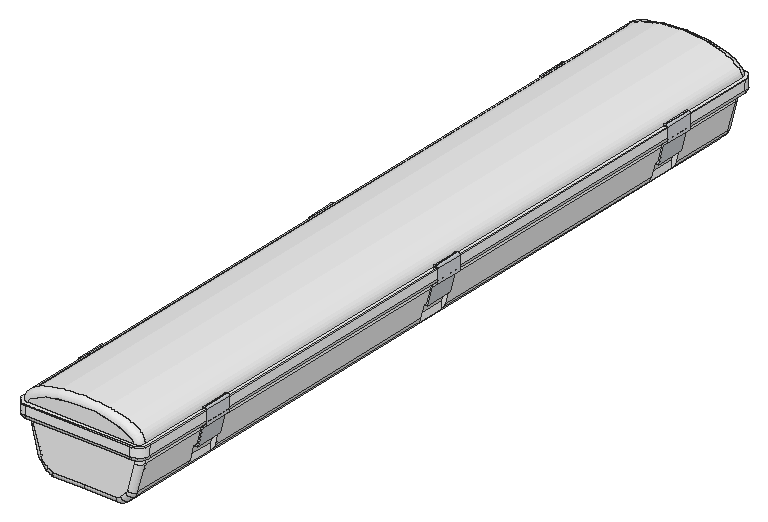
Revit family "0048689 Feilo Sylvania Lighting Fixture SYLPRF SUP LED G3 600MM S 4K", category Lighting Fixtures, host Face, Revit 2016
Family settings
  Host = Face
  Part Type = Normal
  Round Connector Dimension = Use Diameter
  OmniClass Number = 23.80.70.11.14
  OmniClass Title = General Luminaries, Directional
  Cut with Voids When Loaded = No
  Light Source = Yes
  Shared = No
  Room Calculation Point = No
Parameters (values of type "0048689 SYLPRF SUP LED G3 600MM S 4K  ")
  Width = 110 mm
  Weight = "1.12 kg"
  Wattage Comments = "n/a"
  Wattage = 14 W
  WarrantyStartDate [instance] = "n/a"
  WarrantyGuarantorParts = "n/a"
  WarrantyDurationUnit = "n/a"
  WarrantyDurationParts = "n/a"
  WarrantyDescription = "n/a"
  built-in parameter 1150110 = 1 (stored number, unit not read)
  Voltage = 230 V
  URL = "http://www.sylvania-lighting.com"
  TypeName = "SYLPRF SUP LED G3 600MM S 4K"
  Type Image = <None>
  Type Comments = "n/a"
  built-in parameter 1114217 = 1 (stored number, unit not read)
  Tilt Angle = -90.00°
  built-in parameter 1150109 = 1 (stored number, unit not read)
  built-in parameter 1150134 = 12
  built-in parameter 1150113 = 1 (stored number, unit not read)
  SerialNumber [instance] = "n/a"
  ReflectorMaterial = none
  PowerFactor = 0
  PowerConsumption = "14 W"
  Photometric Web File = "0048689.ies"
  NominalWidth = 0 mm
  NominalLength = 665 mm
  NominalHeight = 78 mm
  Name = "SYLPRF SUP LED G3 600MM S 4K"
  ModelReference = "SYLPRF SUP LED G3 600MM S 4K"
  ModelNumber = "0048689"
  Model = "SYLPRF SUP LED G3 600MM S 4K"
  Material = "grp housing, polycarbonate diffuser"
  ManufacturerName = "Feilo Sylvania"
  Manufacturer = "Feilo Sylvania"
  LuminousEfficacy = "130 lm/W"
  built-in parameter 1150105 = 144.83 (stored number, unit not read)
  Lumens = 1820 lm
  LuminaireType = ""
  built-in parameter 1150115 = 1 (stored number, unit not read)
  LightOutputRatio = "n/a"
  built-in parameter 1150137 = (empty or 0)
  built-in parameter 1150139 = (empty or 0)
  Length = 665 mm
  LampsType = Lamp  # "LED"
  LampNominalLuminous = "1850 lm"
  LampMacAdamStep = "3"
  LampColourTemperature = "4000 K"
  LampColourRenderingIndex = "80"
  built-in parameter 1150112 = 1 (stored number, unit not read)
  built-in parameter 1150114 = 1 (stored number, unit not read)
  Lamp = "LED"
  Keynote = "16500"
  InstallationDate [instance] = "n/a"
  InputVoltage = "220-240V~"
  InputNominalFrequency = "50/60 Hz"
  built-in parameter 1150132 = (empty or 0)
  built-in parameter 1150102 = (empty or 0)
  built-in parameter 1150107 = 4000 (stored number, unit not read)
  built-in parameter 1150138 = (empty or 0)
  IngressProtection = "IP65"
  ImpactProtectionIndex = "IK08"
  built-in parameter 1150106 = 1.4483 (stored number, unit not read)
  IfcExportType = "IfcLightFixtureType"
  IfcExportAs = "IfcLightFixtureType"
  ExpectedLife = 50000
  Emit from Rectangle Width = Width - 20 mm  # 90 mm
  Emit from Rectangle Length = Length - 20 mm  # 645 mm
  Emit Shape Visible in Rendering = no
  ElectricShockClassification = "Class I"
  built-in parameter 1150104 = 12.077 (stored number, unit not read)
  DurationUnit = "hours"
  DocumentationLiterature = "http://www.sylvania-lighting.com/product/en-int/products/0048689"
  DimmingControlOptions = "Non dimmable"
  Dimming Lamp Color Temperature Shift = <None>
  DiffuserMaterial = Diffuser-Sylvania-Transparent
  Description = "Sylproof Superia, integrated LED weatherproof luminaire, with UV stabilized flat diffuser and linear prisms designed to achieve uniform lit appearance, optimise light output and to reduce glare, stainless steel diffuser clips and fixing brackets for surface and wall mounting. L 665 mm x W 110 mm x H 78 mm size, GRP housing, Polycarbonate diffuser, Non dimmable,   4000K, CRI80,  1850 lm, 14 W, 130 lm/W, nominal average life (h):50000, energy class: A++ A+ A Class I, IK08, IP65."
  Default Elevation = 1219.2 mm
  CreatedOn = "3/27/2018"
  CreatedBy = "aron.fodor@feilosylvania.com"
  Cost = 0
  Color Filter = 16777215
  built-in parameter 1114216 [instance] = (empty or 0)
  ClassificationValue = "EF_70_80"
  ClassificationName = "Uniclass2015"
  BracketOffset_FEILO = 360 mm
  BodyMaterial = Body-Sylvania-Gray
  BarCode [instance] = "n/a"
  built-in parameter 1114218 = 1 (stored number, unit not read)
  built-in parameter 1150133 = 10 (stored number, unit not read)
  AssetType = "Fixed"
  AssetIdentifier [instance] = "n/a"
  Assembly Code = "D5020200"
  Apparent Load = 14 VA
  AccessoryMaterial = Diffuser-Sylvania-Glow
Reference planes
  plane 1 "Center (Front/Back)": y = 0
  plane 2: z = 0
  plane 3 "Center (Left/Right)": x = 0
  plane 4: z = 54
  plane 5: x = -27.7
  plane 6: x = -34.8
  plane 7: x = -39.6
  plane 8: x = -42.2
  plane 9: z = 3
  plane 10: z = 7.8
  plane 11: z = 12.3
  plane 12: z = 36.6
  plane 13: z = 42.8
  plane 14: x = -51.1
  plane 15: z = 46.2
  plane 16: x = -55
  plane 17: y = 332.5
  plane 18: y = -332.5
  plane 19: x = 27.7
  plane 20: x = 34.8
  plane 21: x = 39.6
  plane 22: x = 42.2
  plane 23: x = 51.1
  plane 24: x = 55
  plane 25: y = 324.9
  plane 26: y = -324.9
  plane 27: y = -321.2
  plane 28: y = 321.2
  plane 29: z = 74
  plane 30: x = -51.5
  plane 31: x = 51.5
  plane 32: z = 55.2
  plane 33: y = -329
  plane 34: y = 329
  plane 35: x = -37.5
  plane 36: x = 37.5
  plane 37: x = -48.7
  plane 38: x = 48.7
  plane 39: z = 50.2
  plane 40: z = 24.6
  plane 41: y = 720
  plane 42: y = 706
  plane 43: y = 734
  plane 44: y = 250
  plane 45: y = 236
  plane 46: y = 264
  plane 47: y = 0
  plane 48: y = -14
  plane 49: y = 14
  plane 50: y = -250
  plane 51: y = -264
  plane 52: y = -236
Forms (mm)
  Sweep 1, solid, material "Body-Sylvania-Gray" <- "BodyMaterial", detail levels medium+fine
    path origin (1223.4, -4572, 54) x (0, -1, 0) y (1, 0, 0)
      loop
        arc (-4249.5, -1278.4) -> (-4242.429, -1275.471) -> (-4239.5, -1268.4) r 10
        line (-4239.5, -1268.4) -> (-4239.5, -1178.4)
        arc (-4239.5, -1178.4) -> (-4242.429, -1171.329) -> (-4249.5, -1168.4) r 10
        line (-4249.5, -1168.4) -> (-4894.5, -1168.4)
        arc (-4894.5, -1168.4) -> (-4901.571, -1171.329) -> (-4904.5, -1178.4) r 10
        line (-4904.5, -1178.4) -> (-4904.5, -1268.4)
        arc (-4904.5, -1268.4) -> (-4901.571, -1275.471) -> (-4894.5, -1278.4) r 10
        line (-4894.5, -1278.4) -> (-4249.5, -1278.4)
    profile origin (-55, 0, 54) x (-1, 0, 0) y (0, 0, 1)
      loop
        line (0, 0) -> (-1, 0) -> (-1, -7.726)
        arc (-1, -7.726) -> (-1.994, -9.498) -> (-3.9, -10.2) r 2.937
        line (-3.9, -10.2) -> (-8.571, -10.2) -> (-8.571, -11.2) -> (-3.9, -11.2)
        arc (-3.9, -11.2) -> (-1.313, -10.231) -> (0, -7.8) r 3.937
        line (0, -7.8) -> (0, 0)
  Sweep 2, solid, material "Body-Sylvania-Gray" <- "BodyMaterial", detail levels medium+fine
    path origin (0, 0, 0) x (1, 0, 0) y (0, 0, 1)
      loop
        line (48.7, 42.8) -> (48.7, 36.6) -> (42.203, 12.31)
        arc (42.203, 12.31) -> (41.199, 9.884) -> (39.6, 7.8) r 10.052
        line (39.6, 7.8) -> (34.8, 3)
        arc (34.8, 3) -> (31.554, 0.781) -> (27.7, 0) r 9.902
        line (27.7, 0) -> (0, 0) -> (-27.7, 0)
        arc (-27.7, 0) -> (-31.554, 0.781) -> (-34.8, 3) r 9.902
        line (-34.8, 3) -> (-39.6, 7.8)
        arc (-39.6, 7.8) -> (-41.199, 9.884) -> (-42.203, 12.31) r 10.052
        line (-42.203, 12.31) -> (-48.7, 36.6) -> (-48.7, 42.8)
    profile origin (0, 0, 0) x (0, 0, -1) y (0, -1, 0)
      loop
        arc (0, 319.9) -> (-1.464, 323.436) -> (-5, 324.9) r 5
        line (-5, 324.9) -> (-7.8, 324.9) -> (-7.8, -324.9) -> (-5, -324.9)
        arc (-5, -324.9) -> (-1.464, -323.436) -> (0, -319.9) r 5
        line (0, -319.9) -> (0, 319.9)
  Extrusion 3, solid, material "Body-Sylvania-Gray" <- "BodyMaterial", detail levels medium+fine
    sketch origin (1524, 324.9, 1219.2) x (1, 0, 0) y (0, 0, 1)
      loop
        arc (-1558.668, -1204.874) -> (-1558.443, -1205.418) -> (-1558.085, -1205.885) r 2.252
        line (-1558.085, -1205.885) -> (-1553.231, -1210.738)
        arc (-1553.231, -1210.738) -> (-1552.534, -1211.227) -> (-1551.7, -1211.4) r 2.102
        line (-1551.7, -1211.4) -> (-1496.3, -1211.4)
        arc (-1496.3, -1211.4) -> (-1495.466, -1211.227) -> (-1494.769, -1210.738) r 2.102
        line (-1494.769, -1210.738) -> (-1489.915, -1205.885)
        arc (-1489.915, -1205.885) -> (-1489.557, -1205.418) -> (-1489.332, -1204.874) r 2.252
        line (-1489.332, -1204.874) -> (-1483.1, -1181.575) -> (-1483.1, -1176.4) -> (-1564.9, -1176.4) -> (-1564.9, -1181.575) -> (-1558.668, -1204.874)
    from 0 to 649.8
  Sweep 4, solid, material "Diffuser-Sylvania-Transparent" <- "DiffuserMaterial", detail levels medium+fine
    path origin (0, 0, 0) x (1, 0, 0) y (0, 0, 1)
      loop
        spline (-51.5, 55.2) -> (-49.745, 60.066) -> (-44.6, 64.6) -> (-36.416, 68.494) -> (-25.75, 71.481) -> (-13.329, 73.359) -> (0, 74) -> (13.329, 73.359) -> (25.75, 71.481) -> (36.416, 68.494) -> (44.6, 64.6) -> (49.745, 60.066) -> (51.5, 55.2)
    profile origin (51.5, 0, 55.2) x (0, -1, 0) y (1, 0, 0)
      loop
        arc (329, -5.5) -> (327.389, -1.611) -> (323.5, 0) r 5.5
        line (323.5, 0) -> (-323.5, 0)
        arc (-323.5, 0) -> (-327.389, -1.611) -> (-329, -5.5) r 5.5
        line (-329, -5.5) -> (-329, -6.3) -> (-328, -6.3) -> (-328, -5.5)
        arc (-328, -5.5) -> (-326.682, -2.318) -> (-323.5, -1) r 4.5
        line (-323.5, -1) -> (323.5, -1)
        arc (323.5, -1) -> (326.682, -2.318) -> (328, -5.5) r 4.5
        line (328, -5.5) -> (328, -6.347) -> (329, -6.347) -> (329, -5.5)
  Extrusion 5, solid, material "Diffuser-Sylvania-Transparent" <- "DiffuserMaterial", detail levels medium+fine
    sketch origin (1524, -329, 1219.2) x (1, 0, 0) y (0, 0, 1)
      loop
        line (-1569.653, -1164) -> (-1478.347, -1164)
        spline (-1478.347, -1164) -> (-1478.969, -1162.594) -> (-1482.527, -1159.545) -> (-1489.588, -1156.201) -> (-1499.458, -1153.445) -> (-1511.242, -1151.663) -> (-1524, -1151.049) -> (-1536.758, -1151.663) -> (-1548.542, -1153.445) -> (-1558.412, -1156.201) -> (-1565.473, -1159.545) -> (-1569.031, -1162.594) -> (-1569.653, -1164)
    from 0 to -1
  Extrusion 6, solid, material "Diffuser-Sylvania-Transparent" <- "DiffuserMaterial", detail levels medium+fine
    sketch origin (1524, 329, 1219.2) x (1, 0, 0) y (0, 0, 1)
      loop
        spline (-1478.3, -1164) -> (-1478.931, -1162.565) -> (-1482.502, -1159.505) -> (-1489.572, -1156.155) -> (-1499.446, -1153.394) -> (-1511.236, -1151.614) -> (-1524, -1151.007) -> (-1536.764, -1151.614) -> (-1548.554, -1153.394) -> (-1558.428, -1156.155) -> (-1565.498, -1159.505) -> (-1569.069, -1162.565) -> (-1569.7, -1164)
        line (-1569.7, -1164) -> (-1478.3, -1164)
    from 0 to 1
  Extrusion 7, solid, material "Diffuser-Sylvania-Transparent" <- "DiffuserMaterial", detail levels medium+fine
    sketch origin (1223.4, -4572, 55.2) x (0, -1, 0) y (-1, 0, 0)
      loop
        arc (-4900, 1177.4) -> (-4898.682, 1174.218) -> (-4895.5, 1172.9) r 4.5
        line (-4895.5, 1172.9) -> (-4248.5, 1172.9)
        arc (-4248.5, 1172.9) -> (-4245.318, 1174.218) -> (-4244, 1177.4) r 4.5
        line (-4244, 1177.4) -> (-4244, 1269.4)
        arc (-4244, 1269.4) -> (-4245.318, 1272.582) -> (-4248.5, 1273.9) r 4.5
        line (-4248.5, 1273.9) -> (-4895.5, 1273.9)
        arc (-4895.5, 1273.9) -> (-4898.682, 1272.582) -> (-4900, 1269.4) r 4.5
        line (-4900, 1269.4) -> (-4900, 1177.4)
      loop
        line (-4904.5, 1268.4) -> (-4904.5, 1178.4)
        arc (-4904.5, 1178.4) -> (-4901.571, 1171.329) -> (-4894.5, 1168.4) r 10
        line (-4894.5, 1168.4) -> (-4249.5, 1168.4)
        arc (-4249.5, 1168.4) -> (-4242.429, 1171.329) -> (-4239.5, 1178.4) r 10
        line (-4239.5, 1178.4) -> (-4239.5, 1268.4)
        arc (-4239.5, 1268.4) -> (-4242.429, 1275.471) -> (-4249.5, 1278.4) r 10
        line (-4249.5, 1278.4) -> (-4894.5, 1278.4)
        arc (-4894.5, 1278.4) -> (-4901.571, 1275.471) -> (-4904.5, 1268.4) r 10
    from 0 to 1.2
  Extrusion 8, solid, material "Diffuser-Sylvania-Glow" <- "AccessoryMaterial", detail levels fine
    sketch origin (0, 0, 0) x (1, 0, 0) y (0, 0, 1)
      loop
        circle (0, 50.2) r 8
    from -321.2 to 321.2
  Extrusion 9, solid, material "Body-Sylvania-Gray" <- "BodyMaterial", detail levels coarse
    sketch origin (0, 0, 0) x (1, 0, 0) y (0, 0, 1)
      loop
        line (55, 42.8) -> (55, 55.2) -> (-55, 55.2) -> (-55, 42.791) -> (-42.2, 0) -> (42.2, 0) -> (55, 42.8)
    from -332.5 to 332.5
  Extrusion 10, solid, material "Diffuser-Sylvania-Transparent" <- "DiffuserMaterial", detail levels coarse
    sketch origin (0, 0, 0) x (1, 0, 0) y (0, 0, 1)
      loop
        arc (51.5, 55.2) -> (0, 74) -> (-51.5, 55.2) r 79.939
        line (-51.5, 55.2) -> (51.5, 55.2)
    from 324.9 to -324.9
  Extrusion 11, void, not visible
    sketch origin (0, 720, 2343.807) x (0, 0, -1) y (-1, 0, 0)
      loop
        line (2340.807, -37.5) -> (2331.507, -37.5) -> (2319.207, -42.2) -> (2319.207, -48.7) -> (2340.807, -48.7) -> (2340.807, -37.5)
      loop
        line (2340.807, 37.5) -> (2340.807, 48.7) -> (2319.207, 48.7) -> (2319.207, 42.2) -> (2331.507, 37.5) -> (2340.807, 37.5)
    from -14 to 14
  Extrusion 12, void
    sketch origin (0, 250, 2343.807) x (0, 0, -1) y (-1, 0, 0)
      loop
        line (2340.807, -37.5) -> (2331.507, -37.5) -> (2319.207, -42.2) -> (2319.207, -48.7) -> (2340.807, -48.7) -> (2340.807, -37.5)
      loop
        line (2340.807, 37.5) -> (2340.807, 48.7) -> (2319.207, 48.7) -> (2319.207, 42.2) -> (2331.507, 37.5) -> (2340.807, 37.5)
    from -14 to 14
  Extrusion 13, void
    sketch origin (0, 0, 2343.807) x (0, 0, -1) y (-1, 0, 0)
      loop
        line (2340.807, -37.5) -> (2331.507, -37.5) -> (2319.207, -42.2) -> (2319.207, -48.7) -> (2340.807, -48.7) -> (2340.807, -37.5)
      loop
        line (2340.807, 37.5) -> (2340.807, 48.7) -> (2319.207, 48.7) -> (2319.207, 42.2) -> (2331.507, 37.5) -> (2340.807, 37.5)
    from -14 to 14
  Extrusion 14, void
    sketch origin (0, -250, 2343.807) x (0, 0, -1) y (-1, 0, 0)
      loop
        line (2340.807, -37.5) -> (2331.507, -37.5) -> (2319.207, -42.2) -> (2319.207, -48.7) -> (2340.807, -48.7) -> (2340.807, -37.5)
      loop
        line (2340.807, 37.5) -> (2340.807, 48.7) -> (2319.207, 48.7) -> (2319.207, 42.2) -> (2331.507, 37.5) -> (2340.807, 37.5)
    from -14 to 14
Cuts and joins
  Extrusion 12, Extrusion 13, Extrusion 14 cuts Sweep 2
  Extrusion 12, Extrusion 13, Extrusion 14 cuts Extrusion 3
  joined: Sweep 2, Extrusion 3
  joined: Sweep 4, Extrusion 5, Extrusion 6
Dimensions and locks
  locked: plane 4 to plane 2 at 54
  plane 5 to plane 6 to plane 7 to plane 8 to plane 14 to plane 16 = 7.1 mm locked, 4.8 mm locked, 2.6 mm locked, 8.9 mm, 3.9 mm
  plane 4 to plane 15 to plane 13 to plane 12 to plane 11 to plane 10 to plane 9 = 7.8 mm locked, 3.4 mm, 6.2 mm locked, 24.3 mm locked, 4.5 mm locked, 4.8 mm locked
  equal spacing: plane 18, plane 1 "Center (Front/Back)", plane 17
  "Length": plane 18 to plane 17
  plane 19 to plane 20 to plane 21 to plane 22 to plane 23 to plane 24 = 7.1 mm locked, 4.8 mm locked, 2.6 mm locked, 8.9 mm, 3.9 mm
  equal spacing: plane 24, plane 3 "Center (Left/Right)", plane 16
  "Width": plane 24 to plane 16
  equal spacing: plane 27, plane 1 "Center (Front/Back)", plane 28
  locked: plane 26 to plane 27 at 3.7
  locked: Sweep 1 sketch curve to profile plane at 1
  locked: Sweep 1 sketch curve to plane 13 at 1
  locked: Sweep 1 sketch curve to plane 13 at 3.937  (x2)
  locked: Sweep 1 sketch curve to profile plane at 3.9  (x2)
  locked: plane 29 to plane 4 at 20
  equal spacing: plane 31, plane 3 "Center (Left/Right)", plane 30
  locked: plane 30 to plane 16 at 3.5
  locked: plane 32 to plane 4 at 1.2
  equal spacing: plane 33, plane 1 "Center (Front/Back)", plane 34
  equal spacing: plane 36, plane 3 "Center (Left/Right)", plane 35
  locked: plane 3 "Center (Left/Right)" to plane 35 at 37.5
  locked: plane 34 to plane 17 at 3.5
  equal spacing: plane 38, plane 3 "Center (Left/Right)", plane 37
  locked: plane 37 to plane 16 at 6.3
  equal spacing: plane 25, plane 1 "Center (Front/Back)", plane 26
  locked: plane 17 to plane 25 at 7.6
  locked: Sweep 2 sketch curve to plane 2 at 5  (x2)
  locked: Sweep 2 sketch curve to plane 26 at 5
  locked: plane 25 to Sweep 2 sketch curve at 5
  locked: Sweep 4 sketch curve to plane 31 at 5.5  (x2)
  locked: Sweep 4 sketch curve to plane 34 at 5.5
  plane 33 to Sweep 4 sketch curve = 5.5 mm
  locked: plane 34 to Sweep 4 sketch curve at 1
  locked: Sweep 4 sketch curve to plane 31 at 1
  locked: Sweep 4 sketch curve to Sweep 4 sketch curve at 1
  locked: Sweep 4 sketch curve to plane 31 at 6.347
  locked: Sweep 4 sketch curve to plane 31 at 6.3
  locked: plane 40 to plane 2 at 24.6
  plane 43 to plane 41 to plane 42 = 14 mm locked, 14 mm locked
  plane 46 to plane 44 to plane 45 = 14 mm locked, 14 mm locked
  plane 49 to plane 47 to plane 48 = 14 mm locked, 14 mm locked
  plane 52 to plane 50 to plane 51 = 14 mm locked, 14 mm locked
  equal spacing: plane 44, plane 1 "Center (Front/Back)", plane 50
  locked: plane 44 to plane 1 "Center (Front/Back)" at 250
  aligned and locked: plane 2 to host face
  aligned and locked: level to host face
  aligned and locked: plane 16 to Sweep 1 sketch curve
  aligned and locked: Sweep 1 sketch curve to plane 24
  aligned and locked: plane 18 to Sweep 1 sketch curve
  aligned and locked: Sweep 1 sketch curve to plane 13
  aligned and locked: profile plane to Sweep 1 sketch curve
  aligned and locked: plane 3 "Center (Left/Right)" to Sweep 2 sketch curve
  aligned and locked: plane 9 to Sweep 2 sketch curve
  aligned and locked: plane 10 to Sweep 2 sketch curve
  aligned and locked: plane 37 to Sweep 2 sketch curve
  aligned and locked: plane 12 to Sweep 2 sketch curve
  aligned and locked: Sweep 2 sketch curve to level
  aligned and locked: plane 21 to Sweep 2 sketch curve
  aligned and locked: plane 38 to Sweep 2 sketch curve
  aligned and locked: profile plane to Sweep 2 sketch curve
  aligned and locked: plane 25 to Sweep 2 sketch curve
  aligned and locked: Sweep 2 sketch curve to plane 10
  aligned and locked: Extrusion 3 sketch curve to Sweep 2  (x7)
  aligned and locked: Sweep 2 to Extrusion 3 sketch curve
  aligned and locked: Extrusion 3 to plane 25
  aligned and locked: plane 26 to Extrusion 3
  aligned and locked: plane 32 to Sweep 4 sketch curve
  aligned and locked: plane 33 to Sweep 4 sketch curve
  aligned and locked: Sweep 4 to Extrusion 5
  aligned and locked: plane 33 to Extrusion 5
  aligned and locked: Extrusion 5 sketch curve to Sweep 4
  aligned and locked: cut or joined group of Sweep 4, Extrusion 5, Extrusion 6 to Extrusion 6 sketch curve
  aligned and locked: Extrusion 7 sketch curve to cut or joined group of Sweep 4, Extrusion 5, Extrusion 6  (x2)
  aligned and locked: cut or joined group of Sweep 4, Extrusion 5, Extrusion 6 to Extrusion 7 sketch curve  (x2)
  aligned and locked: plane 39 to Extrusion 8 sketch curve
  aligned and locked: plane 27 to Extrusion 8
  aligned and locked: Extrusion 8 to plane 28
  aligned and locked: Extrusion 7 sketch curve to Sweep 1  (x4)
  aligned and locked: plane 4 to Extrusion 7
  aligned and locked: Extrusion 7 to plane 32
  aligned and locked: Extrusion 9 sketch curve to plane 24
  aligned and locked: Extrusion 9 sketch curve to Extrusion 7
  aligned and locked: plane 8 to Extrusion 9 sketch curve
  aligned and locked: plane 22 to Extrusion 9 sketch curve
  aligned and locked: level to Extrusion 9 sketch curve
  aligned and locked: Extrusion 9 to plane 17
  aligned and locked: plane 18 to Extrusion 9
  aligned and locked: cut or joined group of Sweep 4, Extrusion 5, Extrusion 6 to Extrusion 10 sketch curve
  aligned and locked: Extrusion 10 sketch curve to cut or joined group of Sweep 4, Extrusion 5, Extrusion 6  (x2)
  aligned and locked: plane 31 to Extrusion 10 sketch curve
  aligned and locked: plane 30 to Extrusion 10 sketch curve
  aligned and locked: plane 26 to Extrusion 10
  aligned and locked: Extrusion 10 to plane 25
  aligned and locked: imposter light to plane 29
  aligned and locked: plane 3 "Center (Left/Right)" to imposter light
  aligned and locked: plane 1 "Center (Front/Back)" to imposter light
  aligned and locked: plane 45 to Extrusion 12
  aligned and locked: Extrusion 12 to plane 46
  aligned and locked: plane 48 to Extrusion 13
  aligned and locked: Extrusion 13 to plane 49
  aligned and locked: plane 51 to Extrusion 14
  aligned and locked: Extrusion 14 to plane 52
  aligned and locked: nested 1 to plane 44
  aligned and locked: plane 44 to nested 6
  aligned and locked: nested 2 to plane 47
  aligned and locked: plane 47 to nested 5
  aligned and locked: nested 3 to plane 50
  aligned and locked: plane 50 to nested 4
  aligned and locked: plane 47 to plane 1 "Center (Front/Back)"
  aligned and locked: plane 3 "Center (Left/Right)" to Extrusion 8 sketch curve
Automatic sketch dimensions
  host sketch curve to host sketch curve = 2438.4 mm  (x2)
  plane 17 to Sweep 1 sketch curve = 0 mm
  Sweep 1 sketch curve to plane 28 = 1.3 mm
  Sweep 1 sketch curve to plane 7 = 5.4 mm
  plane 27 to Sweep 1 sketch curve = 1.3 mm  (x2)
  Sweep 1 sketch curve to Sweep 1 sketch curve = 4.671 mm
  Sweep 1 sketch curve to plane 4 = 0 mm
  Sweep 2 sketch curve to plane 7 = 0 mm
  Sweep 2 sketch curve to plane 6 = 0 mm
  Sweep 2 sketch curve to plane 5 = 0 mm
  plane 19 to Sweep 2 sketch curve = 0 mm
  Sweep 2 sketch curve to plane 9 = 0 mm
  plane 20 to Sweep 2 sketch curve = 0 mm
  Sweep 2 sketch curve to plane 12 = 0 mm
  Sweep 2 sketch curve to plane 10 = 0 mm
  Sweep 2 sketch curve to plane 13 = 0 mm  (x2)
  Sweep 2 sketch curve to plane 8 = 0.003 mm
  plane 6 to Sweep 2 sketch curve = 2.308 mm
  plane 20 to Sweep 2 sketch curve = 2.308 mm
  Sweep 2 sketch curve to plane 22 = 0.003 mm
  Sweep 2 sketch curve to plane 11 = 0.01 mm  (x2)
  Extrusion 3 sketch curve to plane 5 = 0 mm
  plane 19 to Extrusion 3 sketch curve = 0 mm
  plane 6 to Extrusion 3 sketch curve = 0.132 mm
  plane 6 to Extrusion 3 sketch curve = 0.715 mm
  Extrusion 3 sketch curve to Extrusion 3 sketch curve = 1.592 mm
  Extrusion 3 sketch curve to plane 10 = 0.662 mm  (x2)
  plane 20 to Extrusion 3 sketch curve = 2.308 mm
  plane 20 to Extrusion 3 sketch curve = 0.715 mm
  plane 20 to Extrusion 3 sketch curve = 0.132 mm
  Sweep 4 sketch curve to plane 30 = 0 mm
  Sweep 4 sketch curve to plane 3 "Center (Left/Right)" = 0 mm
  Sweep 4 sketch curve to Sweep 4 sketch curve = 0 mm  (x2)
  plane 37 to Extrusion 5 sketch curve = 3.047 mm
  Extrusion 5 sketch curve to plane 38 = 3.047 mm
  plane 37 to Extrusion 6 sketch curve = 3 mm
  Extrusion 6 sketch curve to plane 38 = 3 mm
  plane 25 to Extrusion 7 sketch curve = 1.4 mm  (x2)
  Extrusion 7 sketch curve to plane 26 = 1.4 mm  (x2)
  Extrusion 9 sketch curve to plane 13 = 0 mm
  plane 13 to Extrusion 9 sketch curve = 0.009 mm
  Extrusion 10 sketch curve to level = 5.939 mm
  Extrusion 9 sketch curve to plane 16 = 0 mm
  Extrusion 11 sketch curve to Extrusion 11 sketch curve = 0 mm
  Extrusion 11 sketch curve to Extrusion 11 sketch curve = 12.3 mm  (x2)
  Extrusion 11 sketch curve to Extrusion 11 sketch curve = 9.3 mm  (x2)
  Extrusion 11 sketch curve to Extrusion 11 sketch curve = 6.5 mm
  Extrusion 11 sketch curve to Extrusion 11 sketch curve = 4.7 mm  (x2)
  Extrusion 11 sketch curve to Extrusion 11 sketch curve = 75 mm
  Extrusion 11 sketch curve to Extrusion 11 sketch curve = 11.2 mm
  Extrusion 12 sketch curve to Extrusion 12 sketch curve = 0 mm
  Extrusion 12 sketch curve to Extrusion 12 sketch curve = 12.3 mm  (x2)
  Extrusion 12 sketch curve to Extrusion 12 sketch curve = 9.3 mm  (x2)
  Extrusion 12 sketch curve to Extrusion 12 sketch curve = 6.5 mm
  Extrusion 12 sketch curve to Extrusion 12 sketch curve = 4.7 mm  (x2)
  Extrusion 12 sketch curve to Extrusion 12 sketch curve = 75 mm
  Extrusion 12 sketch curve to Extrusion 12 sketch curve = 11.2 mm
  Extrusion 13 sketch curve to Extrusion 13 sketch curve = 0 mm
  Extrusion 13 sketch curve to Extrusion 13 sketch curve = 12.3 mm  (x2)
  Extrusion 13 sketch curve to Extrusion 13 sketch curve = 9.3 mm  (x2)
  Extrusion 13 sketch curve to Extrusion 13 sketch curve = 6.5 mm
  Extrusion 13 sketch curve to Extrusion 13 sketch curve = 4.7 mm  (x2)
  Extrusion 13 sketch curve to Extrusion 13 sketch curve = 75 mm
  Extrusion 13 sketch curve to Extrusion 13 sketch curve = 11.2 mm
  Extrusion 14 sketch curve to Extrusion 14 sketch curve = 0 mm
  Extrusion 14 sketch curve to Extrusion 14 sketch curve = 12.3 mm  (x2)
  Extrusion 14 sketch curve to Extrusion 14 sketch curve = 9.3 mm  (x2)
  Extrusion 14 sketch curve to Extrusion 14 sketch curve = 6.5 mm
  Extrusion 14 sketch curve to Extrusion 14 sketch curve = 4.7 mm  (x2)
  Extrusion 14 sketch curve to Extrusion 14 sketch curve = 75 mm
  Extrusion 14 sketch curve to Extrusion 14 sketch curve = 11.2 mm
  radius of Extrusion 8 sketch curve = 8 mm
Nested families
  nested 1: "Clip" at (-42.2, 250, 24.6) x (-1, 0, 0) z (0, 0, 1), type "Clip", detail levels fine
  nested 2: "Clip" at (-42.2, 0, 24.6) x (-1, 0, 0) z (0, 0, 1), type "Clip", detail levels fine
  nested 3: "Clip" at (-42.2, -250, 24.6) x (-1, 0, 0) z (0, 0, 1), type "Clip", detail levels fine
  nested 4: "Clip" at (42.2, -250, 24.6), type "Clip", detail levels fine
  nested 5: "Clip" at (42.2, 0, 24.6), type "Clip", detail levels fine
  nested 6: "Clip" at (42.2, 250, 24.6), type "Clip", detail levels fine
Connectors
  electrical at (0, 0, 0), driven by "Apparent Load"
    settings: index 1, voltage 230 V, apparent load 14 VA, apparent load phase1 0 VA, apparent load phase2 0 VA, apparent load phase3 0 VA, power factor 0, load classification "Lighting", number of poles 1, system type 30, power factor state 1, is connector primary yes, connector utility no, sub classification motor no, connector description ""
Definition of nested family "Clip"
  Parameters (values of type "Clip")
    URL = "http://www.feilosylvania.com"
    Type Comments = "n/a"
    Model = "n/a"
    Manufacturer = "Feilo Sylvania"
    Keynote = "n/a"
    Description = "n/a"
    Default Elevation = 1219.2 mm
    Cost = 0
    BodyMaterial = none
    Assembly Code = "n/a"
  Reference planes
    plane 1 "Center (Front/Back)": y = 0
    plane 2: z = 0
    plane 3 "Center (Left/Right)": x = 0
    plane 4: x = 3.3
    plane 5: x = 6.5
    plane 6: x = 8.9
    plane 7: x = 12.8
    plane 8: z = 12
    plane 9: z = 18.2
    plane 10: z = 21.6
    plane 11: z = 30.6
    plane 12: x = 9.3
    plane 13: z = 19.2
    plane 14: z = 16.2
    plane 15: x = 10.1
    plane 16: y = 12
    plane 17: y = -12
  Forms (mm)
    Extrusion 1, solid
      sketch origin (-0.8, 0, 0) x (1, 0, 0) y (0, 1, 0)
        loop
          line (-1219.2, 1219.2) -> (-1219.2, -1219.2) -> (1219.2, -1219.2) -> (1219.2, 1219.2) -> (-1219.2, 1219.2)
      from 0 to -304.8
    Extrusion 2, solid
      sketch origin (0, 0, 0) x (1, 0, 0) y (0, 0, 1)
        loop
          line (8.9, 16.2) -> (4.58, 0) -> (0, 0) -> (0, -0.8) -> (5.195, -0.8) -> (9.603, 15.731) -> (13.6, 18.806) -> (13.6, 30.6)
          arc (13.6, 30.6) -> (11.45, 32.75) -> (9.3, 30.6) r 2.15
          line (9.3, 30.6) -> (10.1, 30.6)
          arc (10.1, 30.6) -> (11.45, 31.95) -> (12.8, 30.6) r 1.35
          line (12.8, 30.6) -> (12.8, 19.2) -> (8.9, 16.2)
      from -12 to 12
  Lines and regions (mm)
    reference lines
      curve 1: line (3.3, 0, 0) -> (6.5, 0, 12)
      curve 2: arc (8.9, 0, 18.2) -> (11.488, 0, 19.169) -> (12.8, 0, 21.6) r 3.934
  Dimensions and locks
    plane 7 to plane 6 to plane 5 to plane 4 to plane 3 "Center (Left/Right)" = 3.9 mm locked, 2.4 mm locked, 3.2 mm locked, 3.3 mm locked
    plane 11 to plane 10 to plane 9 to plane 8 to plane 2 = 9 mm locked, 3.4 mm locked, 6.2 mm locked, 12 mm locked
    locked: plane 7 to plane 12 at 3.5
    locked: plane 13 to plane 9 at 1
    locked: plane 9 to plane 14 at 2
    locked: plane 15 to plane 12 at 0.8
    locked: plane 2 to Extrusion 2 sketch curve at 0.8
    locked: Extrusion 2 sketch curve to Extrusion 2 sketch curve at 0.8  (x3)
    locked: plane 7 to Extrusion 2 sketch curve at 1.35
    equal spacing: plane 17, plane 1 "Center (Front/Back)", plane 16
    locked: plane 1 "Center (Front/Back)" to plane 16 at 12
    aligned and locked: plane 2 to Extrusion 1
    aligned and locked: level to Extrusion 1
    aligned and locked: plane 4 to curve 1
    aligned and locked: plane 5 to curve 1
    aligned and locked: plane 6 to curve 2
    aligned and locked: plane 10 to curve 2
    aligned and locked: plane 14 to Extrusion 2 sketch curve
    aligned and locked: plane 13 to Extrusion 2 sketch curve
    aligned and locked: plane 7 to Extrusion 2 sketch curve
    aligned and locked: plane 3 "Center (Left/Right)" to Extrusion 2 sketch curve
    aligned and locked: Extrusion 2 sketch curve to level
    aligned and locked: Extrusion 2 sketch curve to plane 11
    aligned and locked: plane 11 to Extrusion 2 sketch curve
    aligned and locked: Extrusion 2 to plane 16
    aligned and locked: plane 17 to Extrusion 2
  Automatic sketch dimensions
    Extrusion 1 sketch curve to Extrusion 1 sketch curve = 2438.4 mm  (x2)
    curve 2 to plane 7 = 0 mm
    curve 1 to level = 0 mm
    curve 1 to plane 8 = 0 mm
    curve 2 to plane 9 = 0 mm
    plane 6 to curve 2 = 0.002 mm
    Extrusion 2 sketch curve to Extrusion 2 sketch curve = 0 mm
    Extrusion 2 sketch curve to plane 6 = 0 mm
    plane 4 to Extrusion 2 sketch curve = 1.28 mm
